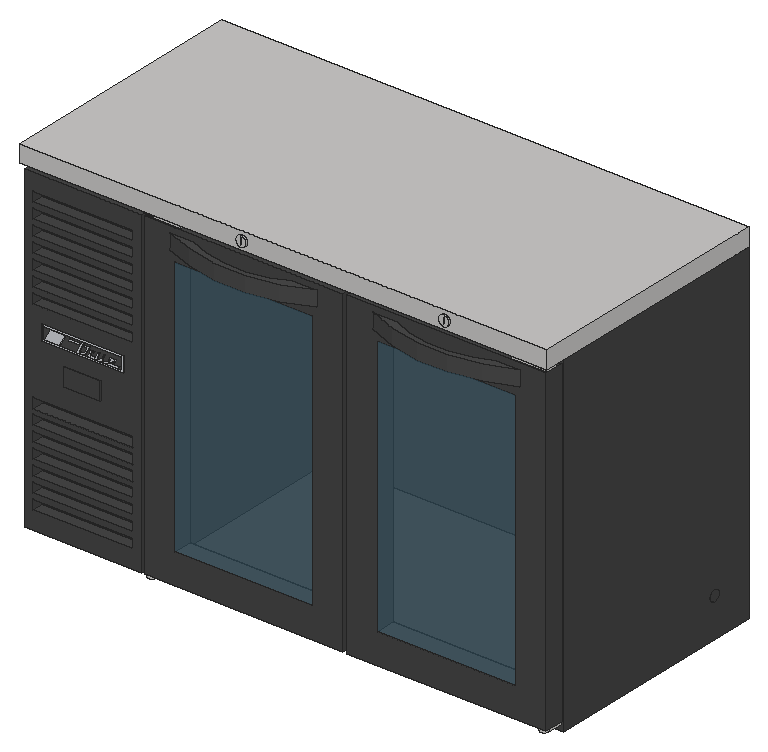
Revit family "QF_TRUE_TBR52-RISZ1-L-B-GG-1", category Specialty Equipment, Revit 2016 (continued)
Definition of nested family "CASTORS & LEGS"
  Parameters (values of type "CASTORS & LEGS")
    Foodservice Equipment Identifier [instance] = yes
    Description = ""
    CSI MasterFormat = ""
    CSI Master Format = ""
    Assembly Code = ""
  Reference planes (in)
    plane 1: z = 0
    plane 2 "RIGHT": x = 0
    plane 3 "FRONT": y = 0
    plane 4 "TOP": z = 4
    plane 5: z = 5.75
    plane 6: z = 6
    plane 7: z = 0.875
  Forms (in)
    Revolve 1, solid, visible <- "Show Legs"
      sketch origin (11.12172, 0, 0) x (-1, 0, 0) y (0, 0, -1)
        loop
          line (11.12172, -6) -> (11.12172, 0) -> (10.62172, 0) -> (10.62172, -0.5) -> (10.37172, -0.5) -> (10.37172, -6) -> (11.12172, -6)
        axis (11.12172, 0) -> (11.12172, -6)
      angle from 0 to 360
    Revolve 2, solid, visible <- "Show Legs with Flandge"
      sketch origin (11.12172, 0, 0) x (-1, 0, 0) y (0, 0, -1)
        loop
          line (11.12172, -6) -> (11.12172, 0) -> (9.87172, 0) -> (9.87172, -0.25) -> (10.62172, -0.25) -> (10.62172, -0.5) -> (10.37172, -0.5) -> (10.37172, -6) -> (11.12172, -6)
        axis (11.12172, 0) -> (11.12172, -6)
      angle from 0 to 360
    Extrusion 3, solid, visible <- "Show Leg Levelers"
      sketch origin (0, 0, 0) x (1, 0, 0) y (0, 1, 0)
        loop
          circle (0, 0) r 0.75
      from 0 to 0.25
  Dimensions and locks (in)
    plane 4 "TOP" to level = 4"  (x2)
    locked: Revolve 1 sketch curve to Revolve 1 sketch curve at 0.5
    locked: Revolve 1 sketch curve to Revolve 1 sketch curve at 0.75
    locked: Revolve 2 sketch curve to Revolve 2 sketch curve at 0.75
    plane 5 to level = 5 3/4"
    plane 6 to plane 1 = 6"
    nested 1 to plane 1 = 3 1/8"
    nested 3 to level = 5"
    aligned and locked: level to plane 1
  Nested families (in)
    nested 1: "3 INCHES 01_CASTER" at (0, 0, 0), visible <- "Show 2 Inches Castors", type "3 INCHES 01_CASTER"
      with Type Mark "", Specification by User "", Revision Code "", Item Number "", Installed By "", Identify Quantity as Lot yes, Furnished By "", Foodservice Equipment Identifier yes, 3 Inches Caster yes
    nested 2: "HATCO_4 INCHES_CASTER" at (0, -0.75, 0), Show 4 Inches Caster <- "Show 3 Inches Castors", type "HATCO_4 INCHES_CASTER"
      with Type Mark "", Specification by User "", Show 4 Inches Caster yes, Revision Code "", Item Number "", Installed By "", Identify Quantity as Lot yes, Furnished By "", Foodservice Equipment Identifier yes
    nested 3: "5 INCHES 01_CASTER" at (0, 0, 0), visible <- "Show 4 Inches Castors", type "5 INCHES 01_CASTER"
      with Type Mark "", Specification by User "", Show 5" Casters yes, Revision Code "", Key Locks yes, Item Number "", Installed By "", Identify Quantity as Lot yes, Furnished By "", Foodservice Equipment Identifier yes
    nested 4: "7-8 INCHES_CASTER" at (0, 0, 0), visible <- "Show 1 Inch Rollers", type "7-8 INCHES_CASTER"
      with Type Mark "", Specification by User "", Revision Code "", Item Number "", Installed By "", Identify Quantity as Lot yes, Furnished By "", Foodservice Equipment Identifier yes, 2.5 Inches Caster yes
    nested 5: "6 INCHES 02_CASTER" at (0, 0, 0), visible <- "Show 5 Inches Castors", Show Casters <- "Show 5 Inches Castors", type "6 INCHES 02_CASTER"
      with Type Mark "", Specification by User "", Show Casters yes, Revision Code "", Item Number "", Installed By "", Identify Quantity as Lot yes, Furnished By "", Foodservice Equipment Identifier yes
  Definition of nested family "3 INCHES 01_CASTER"
    Parameters (values of type "3 INCHES 01_CASTER")
      Weight = ""
      URL Manufacturer = ""
      URL Cutsheet = ""
      URL = ""
      Type Mark [instance] = ""
      Specification by User [instance] = ""
      Specification by Manufacturer = ""
      Serial Number = ""
      Seismic Rating = ""
      SMACNA No = ""
      Revision Code [instance] = ""
      Omniclass Number and Title = ""
      NAFEM Spec ID Number = ""
      Model = ""
      MasterSpec. = ""
      Manufacturer = ""
      Item Number [instance] = ""
      Installed By [instance] = ""
      Identify Quantity as Lot [instance] = yes
      Furnished By [instance] = ""
      Foodservice Equipment Identifier [instance] = yes
      Description = ""
      CSI MasterFormat = ""
      CSI Master Format = ""
      Assembly Code = ""
      3 Inches Caster [instance] = yes
    Reference planes (in)
      plane 1: z = 0
      plane 2 "RIGHT": x = 0
      plane 3 "FRONT": y = 0
      plane 4 "TOP": z = 3.125
    Forms (in)
      Revolve 1, solid, visible <- "3 Inches Caster"
        sketch origin (-1.93794, 0.56004, -1.0041) x (1, 0, 0) y (0, 0, 1)
          loop
            line (0.74055, 2.11347) -> (0.74055, 2.03797) -> (0.79055, 1.98797) -> (0.85055, 1.98797) -> (0.85055, 1.8679) -> (1.235, 1.8679) -> (1.235, 1.7068) -> (1.36441, 1.63209) -> (1.4003, 1.41035) -> (1.34375, 1.41035) -> (1.34375, 1.28535) -> (1.375, 1.28535) -> (1.375, 1.0041) -> (2.48438, 1.0041) -> (2.48438, 1.28535) -> (2.51563, 1.28535) -> (2.51563, 1.41035) -> (2.45908, 1.41035) -> (2.49553, 1.6356) -> (2.62438, 1.70999) -> (2.62438, 1.8679) -> (3.04007, 1.8679) -> (3.04007, 1.98797) -> (3.10007, 1.98797) -> (3.15007, 2.03797) -> (3.15007, 2.11347) -> (0.74055, 2.11347)
          axis (0.74055, 2.11347) -> (3.15007, 2.11347)
        angle from 0 to 360
      Extrusion 2, solid, visible <- "3 Inches Caster"
        sketch origin (-1.93794, 1.35294, -3.2541) x (0, 1, 0) y (0, 0, 1)
          loop
            line (-0.41094, 5.86793) -> (-0.41094, 6.01276) -> (-2.29494, 6.01276) -> (-2.29494, 5.71244) -> (-1.82301, 5.71244)
            arc (-1.82301, 5.71244) -> (-1.00307, 5.59865) -> (-0.19592, 5.41488) r 9.6332
            arc (-0.19592, 5.41488) -> (0.12646, 5.29481) -> (0.42224, 5.11916) r 1.92059
            line (0.42224, 5.11916) -> (0.51314, 5.245)
            arc (0.51314, 5.245) -> (0.27353, 5.42569) -> (0.01201, 5.5729) r 2.25036
            line (0.01201, 5.5729) -> (0.09371, 5.71426)
            arc (0.09371, 5.71426) -> (-0.15272, 5.81043) -> (-0.41094, 5.86793) r 1.73151
        from 1.17357 to 2.70231
      Revolve 3, solid, visible <- "3 Inches Caster"
        sketch origin (0, 1.73858, -3.25) x (0, 1, 0) y (0, 0, 1)
          loop
            line (-1.73858, 6.375) -> (-1.73858, 6.00866) -> (-0.93293, 6.00866) -> (-0.93293, 6.375) -> (-1.73858, 6.375)
          axis (-1.73858, 6.00866) -> (-1.73858, 6.375)
        angle from 0 to 360
      Extrusion 4, solid, visible <- "3 Inches Caster"
        sketch origin (-1.98481, 1.35294, -1.7541) x (0, 1, 0) y (0, 0, 1)
          loop
            line (-2.29494, 4.51276) -> (-2.29494, 4.21244) -> (-2.2074, 4.21244)
            arc (-2.2074, 4.21244) -> (-1.58796, 3.87196) -> (-1.3103, 3.22193) r 1.0835
            arc (-1.3103, 3.22193) -> (-1.27304, 2.98711) -> (-1.19616, 2.76214) r 1.38462
            arc (-1.19616, 2.76214) -> (-0.77704, 2.49744) -> (-0.37393, 2.78593) r 0.44401
            arc (-0.37393, 2.78593) -> (-0.35491, 2.84407) -> (-0.34077, 2.90358) r 0.74034
            arc (-0.34077, 2.90358) -> (-0.07302, 3.38916) -> (0.4279, 3.62699) r 0.90376
            line (0.4279, 3.62699) -> (0.51314, 3.745)
            arc (0.51314, 3.745) -> (0.27353, 3.92569) -> (0.01201, 4.0729) r 2.25036
            line (0.01201, 4.0729) -> (0.09371, 4.21426)
            arc (0.09371, 4.21426) -> (-0.15272, 4.31043) -> (-0.41094, 4.36793) r 1.73151
            line (-0.41094, 4.36793) -> (-0.41094, 4.51276) -> (-2.29494, 4.51276)
        from 2.74918 to 2.90825
      Extrusion 5, solid, visible <- "3 Inches Caster"
        sketch origin (1.98481, 1.35294, -1.7541) x (0, 1, 0) y (0, 0, -1)
          loop
            line (-2.29494, -4.51276) -> (-0.41094, -4.51276) -> (-0.41094, -4.36793)
            arc (-0.41094, -4.36793) -> (-0.15272, -4.31043) -> (0.09371, -4.21426) r 1.73151
            line (0.09371, -4.21426) -> (0.01201, -4.0729)
            arc (0.01201, -4.0729) -> (0.27353, -3.92569) -> (0.51314, -3.745) r 2.25036
            line (0.51314, -3.745) -> (0.4279, -3.62699)
            arc (0.4279, -3.62699) -> (-0.07302, -3.38916) -> (-0.34077, -2.90358) r 0.90376
            arc (-0.34077, -2.90358) -> (-0.35491, -2.84407) -> (-0.37393, -2.78593) r 0.74034
            arc (-0.37393, -2.78593) -> (-0.77704, -2.49744) -> (-1.19616, -2.76214) r 0.44401
            arc (-1.19616, -2.76214) -> (-1.27304, -2.98711) -> (-1.3103, -3.22193) r 1.38462
            arc (-1.3103, -3.22193) -> (-1.58796, -3.87196) -> (-2.2074, -4.21244) r 1.0835
            line (-2.2074, -4.21244) -> (-2.29494, -4.21244) -> (-2.29494, -4.51276)
        from 2.74918 to 2.90825
    Cuts and joins
      joined: Extrusion 2, Extrusion 4, Extrusion 5
    Lines and regions (in)
      symbolic lines, visible <- "3 Inches Caster"
        curve 1: line (0.1877, 1.65194, 0) -> (0.89063, 1.2461, 0)
        curve 2: line (-1.00175, -0.40823, 0) -> (0.1877, 1.65194, 0)
        curve 3: line (-0.29881, -0.81407, 0) -> (-1.00175, -0.40823, 0)
        curve 4: line (0.89063, 1.2461, 0) -> (-0.29881, -0.81407, 0)
    Dimensions and locks (in)
      plane 4 "TOP" to level = 3 1/8"  (x2)
      aligned and locked: level to plane 1
  Definition of nested family "HATCO_4 INCHES_CASTER"
    Parameters (values of type "HATCO_4 INCHES_CASTER")
      URL Manufacturer = ""
      URL Cutsheet = ""
      URL = ""
      Type Mark [instance] = ""
      Specification by User [instance] = ""
      Specification by Manufacturer = ""
      Serial Number = ""
      Seismic Rating = ""
      SMACNA No = ""
      Revision Code [instance] = ""
      Omniclass Number and Title = ""
      NAFEM Spec ID Number = ""
      Model = ""
      Manufacturer = ""
      Item Number [instance] = ""
      Installed By [instance] = ""
      Identify Quantity as Lot [instance] = yes
      Furnished By [instance] = ""
      Foodservice Equipment Identifier [instance] = yes
      Description = ""
      CSI MasterFormat = ""
      CSI Master Format = ""
      Assembly Code = ""
      Show 4 Inches Caster [instance] = yes
    Reference planes (in)
      plane 1: z = 0
      plane 2 "RIGHT": x = 0
      plane 3 "FRONT": y = 0
      plane 4 "TOP": z = 4
    Forms (in)
      Revolve 1, solid, visible <- "Show 4 Inches Caster"
        sketch origin (-1.93794, 0.83816, -1.0041) x (1, 0, 0) y (0, 0, 1)
          loop
            line (0.74055, 2.5041) -> (3.15007, 2.5041) -> (3.15007, 2.5796) -> (3.10007, 2.6296) -> (3.04007, 2.6296) -> (3.04007, 2.74967) -> (2.62438, 2.74967) -> (2.62438, 2.93884) -> (2.48438, 3.01967) -> (2.45908, 3.17597) -> (2.51563, 3.17597) -> (2.51563, 3.41035) -> (2.48438, 3.41035) -> (2.48438, 4.0041) -> (1.375, 4.0041) -> (1.375, 3.41035) -> (1.34375, 3.41035) -> (1.34375, 3.17597) -> (1.4003, 3.17597) -> (1.37557, 3.02318) -> (1.235, 2.94202) -> (1.235, 2.74967) -> (0.85055, 2.74967) -> (0.85055, 2.6296) -> (0.79055, 2.6296) -> (0.74055, 2.5796) -> (0.74055, 2.5041)
          axis (0.74055, 2.5041) -> (3.15007, 2.5041)
        angle from 0 to 360
      Extrusion 2, solid, visible <- "Show 4 Inches Caster"
        sketch origin (-1.93794, 1.80294, -1.7541) x (0, 1, 0) y (0, 0, 1)
          loop
            line (-3.08794, 5.33423) -> (-3.08794, 5.00584) -> (-2.69466, 5.00584)
            arc (-2.69466, 5.00584) -> (-1.57175, 4.94895) -> (-0.46376, 4.75787) r 9.36411
            arc (-0.46376, 4.75787) -> (-0.05889, 4.58436) -> (0.28335, 4.30705) r 1.60049
            line (0.28335, 4.30705) -> (0.34449, 4.39437)
            arc (0.34449, 4.39437) -> (0.12713, 4.6163) -> (-0.1239, 4.79931) r 1.8753
            line (-0.1239, 4.79931) -> (-0.05749, 4.91421)
            arc (-0.05749, 4.91421) -> (-0.33807, 5.05694) -> (-0.64294, 5.13542) r 1.44292
            line (-0.64294, 5.13542) -> (-0.64294, 5.33423) -> (-3.08794, 5.33423)
        from 1.1267 to 2.74918
      Revolve 3, solid, visible <- "Show 4 Inches Caster"
        sketch origin (0, 2.15543, -2.25) x (0, 1, 0) y (0, 0, 1)
          loop
            line (-2.21793, 6.25) -> (-2.21793, 5.83014) -> (-1.05793, 5.83014) -> (-1.05793, 6.25) -> (-2.21793, 6.25)
          axis (-2.21793, 5.83014) -> (-2.21793, 6.25)
        angle from 0 to 360
      Extrusion 4, solid, visible <- "Show 4 Inches Caster"
        sketch origin (-1.93794, 1.80294, -1.7541) x (0, 1, 0) y (0, 0, 1)
          loop
            line (-3.08794, 5.33423) -> (-3.08794, 5.00584) -> (-2.8913, 5.00584)
            arc (-2.8913, 5.00584) -> (-2.09118, 4.14057) -> (-1.45681, 3.14736) r 6.63355
            arc (-1.45681, 3.14736) -> (-0.85703, 2.75969) -> (-0.4561, 3.35069) r 0.5107
            arc (-0.4561, 3.35069) -> (-0.27092, 3.92503) -> (0.24034, 4.24562) r 0.88136
            line (0.24034, 4.24562) -> (0.34449, 4.39437)
            arc (0.34449, 4.39437) -> (0.12713, 4.6163) -> (-0.1239, 4.79931) r 1.8753
            line (-0.1239, 4.79931) -> (-0.05749, 4.91421)
            arc (-0.05749, 4.91421) -> (-0.33807, 5.05694) -> (-0.64294, 5.13542) r 1.44292
            line (-0.64294, 5.13542) -> (-0.64294, 5.33423) -> (-3.08794, 5.33423)
        from 2.74918 to 2.90825
      Extrusion 5, solid, visible <- "Show 4 Inches Caster"
        sketch origin (1.93794, 1.80294, -1.7541) x (0, 1, 0) y (0, 0, -1)
          loop
            line (-3.08794, -5.33423) -> (-0.64294, -5.33423) -> (-0.64294, -5.13542)
            arc (-0.64294, -5.13542) -> (-0.33807, -5.05694) -> (-0.05749, -4.91421) r 1.44292
            line (-0.05749, -4.91421) -> (-0.1239, -4.79931)
            arc (-0.1239, -4.79931) -> (0.12713, -4.6163) -> (0.34449, -4.39437) r 1.8753
            line (0.34449, -4.39437) -> (0.24034, -4.24562)
            arc (0.24034, -4.24562) -> (-0.27092, -3.92503) -> (-0.4561, -3.35069) r 0.88136
            arc (-0.4561, -3.35069) -> (-0.85703, -2.75969) -> (-1.45681, -3.14736) r 0.5107
            arc (-1.45681, -3.14736) -> (-2.09118, -4.14057) -> (-2.8913, -5.00584) r 6.63355
            line (-2.8913, -5.00584) -> (-3.08794, -5.00584) -> (-3.08794, -5.33423)
        from 2.74918 to 2.90825
    Cuts and joins
      joined: Extrusion 2, Extrusion 4, Extrusion 5
    Lines and regions (in)
      symbolic lines, visible <- "Show 4 Inches Caster"
        curve 1: line (0.28481, 2.83041, 0) -> (1.24556, 2.27572, 0)
        curve 2: line (-1.26206, 0.15114, 0) -> (-0.69281, 1.13711, 0)
        curve 3: line (-0.30132, -0.40355, 0) -> (-1.26206, 0.15114, 0)
        curve 4: line (1.24556, 2.27572, 0) -> (0.69868, 1.3285, 0)
        curve 5: line (-0.2461, 1.91084, 0) -> (0.28481, 2.83041, 0)
        curve 6: line (0.19868, 0.46248, 0) -> (-0.30132, -0.40355, 0)
    Dimensions and locks (in)
      plane 4 "TOP" to level = 4"  (x2)
      aligned and locked: level to plane 1
  Definition of nested family "5 INCHES 01_CASTER"
    Parameters (values of type "5 INCHES 01_CASTER")
      Weight = ""
      URL Manufacturer = ""
      URL Cutsheet = ""
      URL = ""
      Type Mark [instance] = ""
      Specification by User [instance] = ""
      Specification by Manufacturer = ""
      Show 5" Casters [instance] = yes
      Serial Number = ""
      Seismic Rating = ""
      SMACNA No = ""
      Revision Code [instance] = ""
      Omniclass Number and Title = ""
      NAFEM Spec ID Number = ""
      Model = ""
      MasterSpec. = ""
      Manufacturer = ""
      Key Locks [instance] = yes
      Item Number [instance] = ""
      Installed By [instance] = ""
      Identify Quantity as Lot [instance] = yes
      Furnished By [instance] = ""
      Foodservice Equipment Identifier [instance] = yes
      Description = ""
      CSI MasterFormat = ""
      CSI Master Format = ""
      Assembly Code = ""
    Reference planes (in)
      plane 1: z = 0
      plane 2 "RIGHT": x = 0
      plane 3 "FRONT": y = 0
      plane 4 "TOP": z = 5
    Forms (in)
      Revolve 1, solid, visible <- "Show 5" Casters"
        sketch origin (-1.93794, 0.99859, -1.0041) x (1, 0, 0) y (0, 0, 1)
          loop
            line (0.74055, 3.0041) -> (0.74055, 2.9286) -> (0.79055, 2.8786) -> (0.85055, 2.8786) -> (0.85055, 2.75852) -> (1.235, 2.75852) -> (1.235, 2.56618) -> (1.37557, 2.48502) -> (1.49133, 1.76972) -> (1.34375, 1.76972) -> (1.34375, 1.53535) -> (1.375, 1.53535) -> (1.375, 1.0041) -> (2.48438, 1.0041) -> (2.48438, 1.53535) -> (2.51563, 1.53535) -> (2.51563, 1.76972) -> (2.36805, 1.76972) -> (2.48438, 2.48853) -> (2.62438, 2.56936) -> (2.62438, 2.75852) -> (3.04007, 2.75852) -> (3.04007, 2.8786) -> (3.10007, 2.8786) -> (3.15007, 2.9286) -> (3.15007, 3.0041) -> (0.74055, 3.0041)
          axis (0.74055, 3.0041) -> (3.15007, 3.0041)
        angle from 0 to 360
      Extrusion 2, solid, visible <- "Show 5" Casters"
        sketch origin (-1.93794, 1.96337, -0.7541) x (0, 1, 0) y (0, 0, 1)
          loop
            line (-3.37739, 5.33423) -> (-3.37739, 4.92712) -> (-2.49294, 4.92712)
            arc (-2.49294, 4.92712) -> (-1.47209, 4.91752) -> (-0.46376, 4.75787) r 6.92153
            arc (-0.46376, 4.75787) -> (0.14199, 4.53396) -> (0.67481, 4.16904) r 2.62713
            line (0.67481, 4.16904) -> (0.7876, 4.33012)
            arc (0.7876, 4.33012) -> (0.48098, 4.5674) -> (0.13288, 4.73811) r 1.91675
            line (0.13288, 4.73811) -> (0.21197, 4.87494)
            arc (0.21197, 4.87494) -> (-0.1576, 5.02102) -> (-0.54934, 5.08775) r 1.91675
            line (-0.54934, 5.08775) -> (-0.54934, 5.33423) -> (-3.37739, 5.33423)
        from 1.17357 to 2.70231
      Revolve 3, solid, visible <- "Show 5" Casters"
        sketch origin (0, 2.15543, -1.25) x (0, 1, 0) y (0, 0, 1)
          loop
            line (-2.21793, 6.25) -> (-2.21793, 5.83014) -> (-1.05793, 5.83014) -> (-1.05793, 6.25) -> (-2.21793, 6.25)
          axis (-2.21793, 5.83014) -> (-2.21793, 6.25)
        angle from 0 to 360
      Extrusion 4, solid, visible <- "Show 5" Casters"
        sketch origin (-1.98481, 1.96337, -0.7541) x (0, 1, 0) y (0, 0, 1)
          loop
            line (-3.37739, 5.33423) -> (-3.37739, 4.92712) -> (-3.13361, 4.92712)
            arc (-3.13361, 4.92712) -> (-2.12623, 3.92533) -> (-1.55834, 2.62307) r 3.79122
            arc (-1.55834, 2.62307) -> (-0.81477, 2.14247) -> (-0.31772, 2.87515) r 0.63314
            arc (-0.31772, 2.87515) -> (-0.02244, 3.67728) -> (0.68637, 4.15498) r 1.39003
            line (0.68637, 4.15498) -> (0.7876, 4.33012)
            arc (0.7876, 4.33012) -> (0.48098, 4.5674) -> (0.13288, 4.73811) r 1.91675
            line (0.13288, 4.73811) -> (0.21197, 4.87494)
            arc (0.21197, 4.87494) -> (-0.1576, 5.02102) -> (-0.54934, 5.08775) r 1.91675
            line (-0.54934, 5.08775) -> (-0.54934, 5.33423) -> (-3.37739, 5.33423)
        from 2.74918 to 2.90825
      Extrusion 5, solid, visible <- "Show 5" Casters"
        sketch origin (1.98481, 1.96337, -0.7541) x (0, 1, 0) y (0, 0, -1)
          loop
            line (-3.37739, -5.33423) -> (-0.54934, -5.33423) -> (-0.54934, -5.08775)
            arc (-0.54934, -5.08775) -> (-0.1576, -5.02102) -> (0.21197, -4.87494) r 1.91675
            line (0.21197, -4.87494) -> (0.13288, -4.73811)
            arc (0.13288, -4.73811) -> (0.48098, -4.5674) -> (0.7876, -4.33012) r 1.91675
            line (0.7876, -4.33012) -> (0.68637, -4.15498)
            arc (0.68637, -4.15498) -> (-0.02244, -3.67728) -> (-0.31772, -2.87515) r 1.39003
            arc (-0.31772, -2.87515) -> (-0.81477, -2.14247) -> (-1.55834, -2.62307) r 0.63314
            arc (-1.55834, -2.62307) -> (-2.12623, -3.92533) -> (-3.13361, -4.92712) r 3.79122
            line (-3.13361, -4.92712) -> (-3.37739, -4.92712) -> (-3.37739, -5.33423)
        from 2.74918 to 2.90825
    Cuts and joins
      joined: Extrusion 2, Extrusion 4, Extrusion 5
    Lines and regions (in)
      symbolic lines, visible <- "Show 5" Casters"
        curve 1: line (0.54262, 2.21348, 0) -> (1.50337, 1.65879, 0)
        curve 2: line (-1.45738, -1.25062, 0) -> (-0.70738, 0.04842, 0)
        curve 3: line (-0.49663, -1.80531, 0) -> (-1.45738, -1.25062, 0)
        curve 4: line (1.50337, 1.65879, 0) -> (0.75337, 0.35975, 0)
        curve 5: line (-0.20738, 0.91444, 0) -> (0.54262, 2.21348, 0)
        curve 6: line (0.25337, -0.50627, 0) -> (-0.49663, -1.80531, 0)
    Dimensions and locks (in)
      plane 4 "TOP" to level = 5"  (x2)
      aligned and locked: level to plane 1
  Definition of nested family "7-8 INCHES_CASTER"
    Parameters (values of type "7-8 INCHES_CASTER")
      Weight = ""
      URL Manufacturer = ""
      URL Cutsheet = ""
      URL = ""
      Type Mark [instance] = ""
      Specification by User [instance] = ""
      Specification by Manufacturer = ""
      Serial Number = ""
      Seismic Rating = ""
      SMACNA No = ""
      Revision Code [instance] = ""
      Omniclass Number and Title = ""
      NAFEM Spec ID Number = ""
      Model = ""
      MasterSpec. = ""
      Manufacturer = ""
      Item Number [instance] = ""
      Installed By [instance] = ""
      Identify Quantity as Lot [instance] = yes
      Furnished By [instance] = ""
      Foodservice Equipment Identifier [instance] = yes
      Description = ""
      CSI MasterFormat = ""
      CSI Master Format = ""
      Assembly Code = ""
      2.5 Inches Caster [instance] = yes
    Reference planes (in)
      plane 1: z = 0
      plane 2 "RIGHT": x = 0
      plane 3 "FRONT": y = 0
      plane 4 "TOP": z = 2.125
      plane 5: z = 0.875
    Forms (in)
      Revolve 1, solid, visible <- "2.5 Inches Caster"
        sketch origin (-1.93794, 0.16358, -1.0041) x (1, 0, 0) y (0, 0, 1)
          loop
            line (2.21963, 1.0041) -> (2.21963, 1.07441) -> (2.16308, 1.07441) -> (2.17665, 1.15827) -> (2.27369, 1.21429) -> (2.27369, 1.29531) -> (1.60219, 1.29531) -> (1.60219, 1.21429) -> (1.69923, 1.15827) -> (1.7128, 1.07441) -> (1.65625, 1.07441) -> (1.65625, 1.0041) -> (2.21963, 1.0041)
          axis (2.27369, 1.29531) -> (1.60219, 1.29531)
        angle from 0 to 360
      Extrusion 2, solid, visible <- "2.5 Inches Caster"
        sketch origin (-1.93794, 1.43296, -4.66527) x (0, 1, 0) y (0, 0, 1)
          loop
            line (-1.16673, 5.3791) -> (-1.71584, 5.3791) -> (-1.71584, 5.33314) -> (-1.62354, 5.33314)
            arc (-1.62354, 5.33314) -> (-1.55924, 5.29737) -> (-1.50495, 5.24769) r 0.31579
            line (-1.50495, 5.24769) -> (-0.93687, 5.24769)
            arc (-0.93687, 5.24769) -> (-0.98865, 5.28224) -> (-1.04346, 5.31172) r 0.65588
            line (-1.04346, 5.31172) -> (-1.01965, 5.35291)
            arc (-1.01965, 5.35291) -> (-1.09203, 5.3725) -> (-1.16673, 5.3791) r 0.4262
        from 1.60219 to 2.27369
      Revolve 3, solid, visible <- "2.5 Inches Caster"
        sketch origin (0, 1.73858, -5) x (0, 1, 0) y (0, 0, 1)
          loop
            line (-1.73858, 5.71382) -> (-1.35578, 5.71382) -> (-1.35578, 5.875) -> (-1.73858, 5.875) -> (-1.73858, 5.71382)
          axis (-1.73858, 5.71382) -> (-1.73858, 5.875)
        angle from 0 to 360
      Extrusion 4, solid, visible <- "2.5 Inches Caster"
        sketch origin (0.33575, 1.43296, -4.66527) x (0, 1, 0) y (0, 0, 1)
          loop
            line (-1.71584, 5.3791) -> (-1.71584, 5.33314) -> (-1.62354, 5.33314)
            arc (-1.62354, 5.33314) -> (-1.48788, 5.22611) -> (-1.42886, 5.06369) r 0.31579
            arc (-1.42886, 5.06369) -> (-1.418, 4.99525) -> (-1.39559, 4.92968) r 0.40356
            arc (-1.39559, 4.92968) -> (-1.27344, 4.85253) -> (-1.15595, 4.93662) r 0.12941
            arc (-1.15595, 4.93662) -> (-1.1504, 4.95356) -> (-1.14628, 4.97091) r 0.21578
            arc (-1.14628, 4.97091) -> (-1.06824, 5.11243) -> (-0.92225, 5.18175) r 0.26341
            line (-0.92225, 5.18175) -> (-0.8974, 5.21614)
            arc (-0.8974, 5.21614) -> (-0.96724, 5.26881) -> (-1.04346, 5.31172) r 0.65588
            line (-1.04346, 5.31172) -> (-1.01965, 5.35291)
            arc (-1.01965, 5.35291) -> (-1.09203, 5.3725) -> (-1.16673, 5.3791) r 0.4262
            line (-1.16673, 5.3791) -> (-1.71584, 5.3791)
        from 0 to 0.0625
      Extrusion 5, solid, visible <- "2.5 Inches Caster"
        sketch origin (-0.33575, 1.43296, -4.66527) x (0, -1, 0) y (0, 0, 1)
          loop
            line (1.71584, 5.3791) -> (1.16673, 5.3791)
            arc (1.16673, 5.3791) -> (1.09203, 5.3725) -> (1.01965, 5.35291) r 0.4262
            line (1.01965, 5.35291) -> (1.04346, 5.31172)
            arc (1.04346, 5.31172) -> (0.96724, 5.26881) -> (0.8974, 5.21614) r 0.65588
            line (0.8974, 5.21614) -> (0.92225, 5.18175)
            arc (0.92225, 5.18175) -> (1.06824, 5.11243) -> (1.14628, 4.97091) r 0.26341
            arc (1.14628, 4.97091) -> (1.1504, 4.95356) -> (1.15595, 4.93662) r 0.21578
            arc (1.15595, 4.93662) -> (1.27344, 4.85253) -> (1.39559, 4.92968) r 0.12941
            arc (1.39559, 4.92968) -> (1.418, 4.99525) -> (1.42886, 5.06369) r 0.40356
            arc (1.42886, 5.06369) -> (1.48788, 5.22611) -> (1.62354, 5.33314) r 0.31579
            line (1.62354, 5.33314) -> (1.71584, 5.33314) -> (1.71584, 5.3791)
        from 0 to 0.0625
    Lines and regions (in)
      symbolic lines, visible <- "2.5 Inches Caster"
        curve 1: line (0.14193, 0.81567, 0) -> (0.64448, 0.52552, 0)
        curve 2: line (-0.51849, -0.32822, 0) -> (0.14193, 0.81567, 0)
        curve 3: line (-0.01594, -0.61837, 0) -> (-0.51849, -0.32822, 0)
        curve 4: line (0.64448, 0.52552, 0) -> (-0.01594, -0.61837, 0)
    Dimensions and locks (in)
      plane 4 "TOP" to level = 2 1/8"  (x2)
      plane 5 to plane 1 = 7/8"
      aligned and locked: level to plane 1
  Definition of nested family "6 INCHES 02_CASTER"
    Parameters (values of type "6 INCHES 02_CASTER")
      Weight = ""
      URL Manufacturer = ""
      URL Cutsheet = ""
      URL = ""
      Type Mark [instance] = ""
      Specification by User [instance] = ""
      Specification by Manufacturer = ""
      Show Casters [instance] = yes
      Serial Number = ""
      Seismic Rating = ""
      SMACNA No = ""
      Revision Code [instance] = ""
      Omniclass Number and Title = ""
      NAFEM Spec ID Number = ""
      Model = ""
      MasterSpec. = ""
      Manufacturer = ""
      Item Number [instance] = ""
      Installed By [instance] = ""
      Identify Quantity as Lot [instance] = yes
      Furnished By [instance] = ""
      Foodservice Equipment Identifier [instance] = yes
      Description = ""
      CSI MasterFormat = ""
      CSI Master Format = ""
    Reference planes (in)
      plane 1 "BACK": y = 0
      plane 2: z = 0
      plane 3 "LEFT": x = 0
      plane 4 "RIGHT": x = 0
      plane 5 "FRONT": y = 0
      plane 6 "TOP": z = 6.0625
    Forms (in)
      Revolve 1, solid, visible <- "Show Casters"
        sketch origin (-2.21793, 0, -0.25) x (-1, 0, 0) y (0, 0, 1)
          loop
            line (-2.21793, 6) -> (-2.21793, 5.55584) -> (-0.93693, 5.55584) -> (-0.93693, 6) -> (-2.21793, 6)
          axis (-2.21793, 5.55584) -> (-2.21793, 6)
        angle from 0 to 360
      Extrusion 2, solid, visible <- "Show Casters"
        sketch origin (0.25594, 2.08988, -0.1875) x (0, 1, 0) y (0, 0, 1)
          loop
            line (-3.37793, 5.49334) -> (-3.37793, 5.24334) -> (-1.67236, 2.30765)
            arc (-1.67236, 2.30765) -> (-0.65502, 1.97635) -> (-0.25363, 2.96812) r 0.78437
            line (-0.25363, 2.96812) -> (-0.80182, 5.49334) -> (-3.37793, 5.49334)
        from 0.78968 to 0.90247
      Extrusion 3, solid, visible <- "Show Casters"
        sketch origin (0, 0, 5.75) x (0, 1, 0) y (-1, 0, 0)
          loop
            circle (0, 0) r 0.75
        from 0 to 0.3125
      Extrusion 4, solid, visible <- "Show Casters"
        sketch origin (-0.25594, 2.08988, -0.1875) x (0, 1, 0) y (0, 0, -1)
          loop
            line (-3.37793, -5.24334) -> (-3.37793, -5.49334) -> (-0.80182, -5.49334) -> (-0.25363, -2.96812)
            arc (-0.25363, -2.96812) -> (-0.65502, -1.97635) -> (-1.67236, -2.30765) r 0.78437
            line (-1.67236, -2.30765) -> (-3.37793, -5.24334)
        from 0.78968 to 0.90247
      Extrusion 5, solid, visible <- "Show Casters"
        sketch origin (0, -0.12806, 0.75) x (0, 1, 0) y (0, 0, 1)
          loop
            line (-1.16, 4.55584) -> (-1.16, 4.30584) -> (1.41611, 4.30584) -> (1.41611, 4.55584) -> (-1.16, 4.55584)
        from -1.04562 to 1.04562
      Revolve 6, solid, visible <- "Show Casters"
        sketch origin (-1.9375, 1.11772, -0.12802) x (1, 0, 0) y (0, 0, 1)
          loop
            line (0.5843, 2.5666) -> (0.5843, 2.4286) -> (0.6343, 2.3786) -> (0.6943, 2.3786) -> (0.6943, 2.2429) -> (1.1725, 2.2429) -> (1.1725, 1.84743) -> (1.30191, 1.77271) -> (1.42647, 1.00302) -> (1.28125, 1.00302) -> (1.28125, 0.75302) -> (1.3125, 0.75302) -> (1.3125, 0.50302)
            arc (1.3125, 0.50302) -> (1.42233, 0.23785) -> (1.6875, 0.12802) r 0.375
            line (1.6875, 0.12802) -> (2.1875, 0.12802)
            arc (2.1875, 0.12802) -> (2.45267, 0.23785) -> (2.5625, 0.50302) r 0.375
            line (2.5625, 0.50302) -> (2.5625, 0.75302) -> (2.59375, 0.75302) -> (2.59375, 1.00302) -> (2.44853, 1.00302) -> (2.57366, 1.77622) -> (2.7025, 1.85061) -> (2.7025, 2.2429) -> (3.1807, 2.2429) -> (3.1807, 2.3786) -> (3.2407, 2.3786) -> (3.2907, 2.4286) -> (3.2907, 2.5666) -> (0.5843, 2.5666)
          axis (0.5843, 2.5666) -> (3.2907, 2.5666)
        angle from 0 to 360
    Cuts and joins
      joined: Extrusion 2, Extrusion 4, Extrusion 5
    Lines and regions (in)
      symbolic lines, visible <- "Show Casters"
        curve 1: line (0.45873, 2.04243, 0) -> (1.54127, 1.41743, 0)
        curve 2: line (-1.54127, -1.42167, 0) -> (-0.79127, -0.12263, 0)
        curve 3: line (-0.45873, -2.04667, 0) -> (-1.54127, -1.42167, 0)
        curve 4: line (1.54127, 1.41743, 0) -> (0.79127, 0.11839, 0)
        curve 5: line (-0.29127, 0.74339, 0) -> (0.45873, 2.04243, 0)
        curve 6: line (0.29127, -0.74763, 0) -> (-0.45873, -2.04667, 0)
    Dimensions and locks (in)
      plane 6 "TOP" to level = 6 1/16"
      locked: plane 6 "TOP" to level at 6.0625
      aligned and locked: level to plane 2
